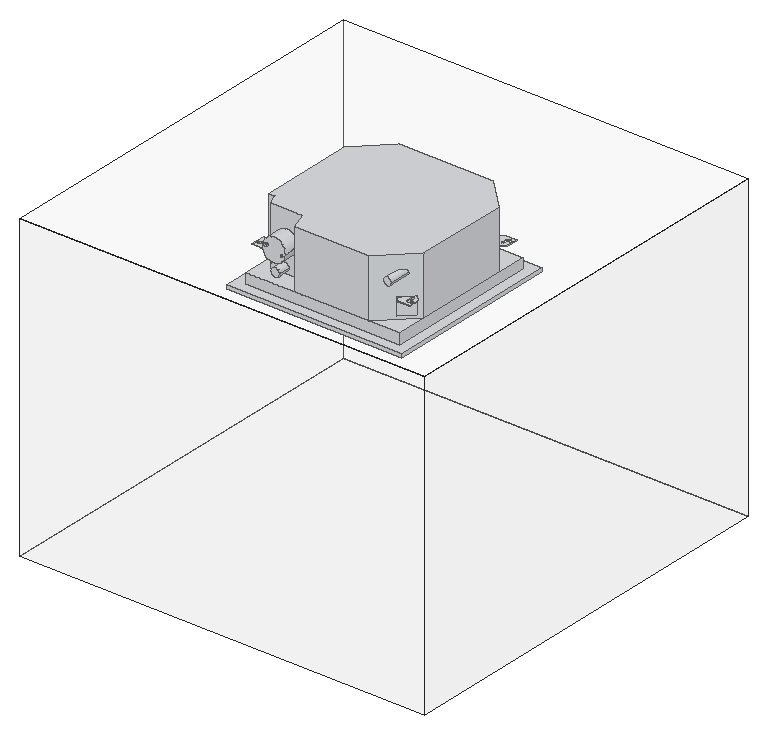
Revit family "pl-rp2880ga6_60hz", category 機械設備, Revit 2019
Family settings
  丸型コネクタ寸法 = 直径を使用
  パーツ タイプ = 標準
  OmniClass 番号 = 23.75.10.24.21.27.27
  OmniClass タイトル = Split System Air Conditioning Units
  作業面ベース = いいえ
  常に垂直 = はい
  ロード時にボイドで切り取り = いいえ
  共有 = いいえ
  部屋計算ポイント = はい
Parameters (values of type "天井4方向_PL-RP28GA6")
  風量_静 (㎥/min) = 6.3
  風量_強 (㎥/min) = 8.7
  風量_弱 (㎥/min) = 7.1
  風量_中 (㎥/min) = 7.8
  風量 = MAX風量  # 522.0 m³/h
  音響パワーレベル(dB) = [音響パワーレベル_強 (dB)]  # 50
  音響パワーレベル_静 (dB) = 47
  音響パワーレベル_強 (dB) = 50
  音響パワーレベル_弱 (dB) = 48
  音響パワーレベル_中 (dB) = 49
  電源種別 = ""
  電源_H = 0 mm
  電圧 = 0 V
  電動機出力_送風機 = 0.05 kW
  運転質量 = 0.00 kg
  連動 = ""
  質量 = if(製品質量 > 運転質量, 製品質量, 運転質量) * 1.2  # 24.72 kg
  負荷分類 = 3_ファン類
  製品質量_本体 = 17.00 kg
  製品質量_パネル = 3.60 kg
  構成品番 = "PL-RP28GA6"
  ドレン管径 (外径) = 32 mm
  ドレン管径 = 25 mm
  サービススペース = yes
  【値が 0 の項目は組合せ形名にてご確認ください】 = ""
  URL = "https://www.mitsubishielectric.co.jp/ldg/wink/ssl/top.do\"\""
  説明 = "店舗・事務所用パッケージエアコン(Mr.SLIM) [本体]4方向天井カセット形<コンパクトタイプ>"
  設計暖房能力 = 0.00 kW
  設計冷房能力_顕熱 = 0 kW
  設計冷房能力 = 0 kW
  設置方法 = "カセット形"
  記号 = ""
  製造元 = "三菱電機株式会社"
  製品質量 = 製品質量_本体 + 製品質量_パネル  # 20.60 kg
  製品出荷対象 = "国内"
  製品リリース年月 = ""
  製品グループ = ""
  系統 = ""
  符号 = "PAC-CK4"
  積算_科目 = "1 空気調和設備"
  積算_拾い区分 [instance] = ""
  相 = 1
  盤記号 = ""
  発停方法 = "付属スイッチ"
  特殊仕様 = ""
  火災停止 = ""
  消費電力_暖房 = 0.03 kW
  消費電力_冷房 = 0.03 kW
  消費電力 = if(消費電力_冷房 > 消費電力_暖房, 消費電力_冷房, 消費電力_暖房)  # 0.03 kW
  法定耐用年数 = "6"
  極数 = 1
  材質 = ""
  本体マテリアル = none
  有効加湿量 = 0
  暖房能力 = 2.80 kW
  推奨ブレーカー容量 = 0 A
  形式_加湿器 = ""
  形式 = "カセット形（4方向吹出形）"
  幹線記号 = ""
  始動方式 = "直入"
  呼称 = "パッケージ形空気調和機_室内機"
  周波数 = 60 Hz
  吊り位置Y = 507 mm
  吊り位置X = 640 mm
  吊りボルト_H = 134 mm
  台数_手元リモコン = ""
  台数_冷媒分岐ユニット = ""
  参照している仕様書等のバージョン = "公共建築工事標準仕様書（機械設備工事編）平成31年度版"
  加湿給水管径 = 0 mm
  分類コード = "5.0053E+13"
  分類グループ = ""
  冷房能力 = 2.5 kW
  冷媒高低圧ガス管径 = 0 mm
  冷媒管径符号 = "Ac"
  冷媒管径 = 100 mm
  冷媒液管高さ = 159 mm
  冷媒液管長さ = 71 mm
  冷媒液管径 = 6.4 mm
  冷媒ガス管高さ = 183 mm
  冷媒ガス管長さ = 76 mm
  冷媒ガス管径 = 12.7 mm
  企業コード = "108420"
  付属品_フィルター = ""
  付属品 = ""
  仕様書バージョン = "Version1.0"
  Model = ""
  パネルマテリアル = none
  ドレン管高さ = 227 mm
  コメント [instance] = ""
  ケーブル種類 = ""
  ケーブルサイズ = 0 mm
  Width = 670 mm
  Version = ""
  Uniclass2015Version = "Systems v1.9"
  Uniclass2015Title = "Split coil remote air cooled condensing units"
  Uniclass2015Code = "Pr_70_65_03_84"
  SpecificationReference = ""
  SpecificationDescription = ""
  Revision = ""
  ProductInformation = ""
  Panel Width = 760 mm
  Panel Height = 15 mm
  Panel Depth = 760 mm
  OmniClassCode = "23-33 17 13 11"
  MIN風量 = [風量_静 (㎥/min)] * 60.0 m³/h  # 378.0 m³/h
  MID風量2 = [風量_弱 (㎥/min)] * 60.0 m³/h  # 426.0 m³/h
  MID風量 = [風量_中 (㎥/min)] * 60.0 m³/h  # 468.0 m³/h
  MAX風量 = [風量_強 (㎥/min)] * 60.0 m³/h  # 522.0 m³/h
  IfcTypeProduct = ""
  IfcProduct = ""
  IfcExportType = "AIRCONDITIONINGUNIT"
  IfcExportAs = "IfcUnitaryEquipmentType"
  Height = 298 mm
  Depth = 670 mm
  価格 = 0
  Clearance Top = 305 mm
  Clearance Right = 500 mm
  Clearance Left = 500 mm
  Clearance Front = 500 mm
  Clearance Bottom = 1000 mm
  Clearance Back = 500 mm
  Author = "三菱電機株式会社"
Types (8, lengths in mm): name | 風量_静 (㎥/min) | 風量_強 (㎥/min) | 風量_弱 (㎥/min) | 風量_中 (㎥/min) | 風量 | 音響パワーレベル(dB) | 音響パワーレベル_静 (dB) | 音響パワーレベル_強 (dB) | 音響パワーレベル_弱 (dB) | 音響パワーレベル_中 (dB) | 構成品番 | URL | 消費電力_暖房 | 消費電力_冷房 | 消費電力 | 暖房能力 | 冷房能力 | 冷媒管径符号 | 冷媒液管長さ | 冷媒液管径 | 冷媒ガス管長さ | 冷媒ガス管径 | MIN風量 | MID風量2 | MID風量 | MAX風量
  天井4方向_PL-RP28GA6 | 6.3 | 8.7 | 7.1 | 7.8 | 522.0 m³/h | 50 | 47 | 50 | 48 | 49 | "PL-RP28GA6" | "https://www.mitsubishielectric.co.jp/ldg/wink/ssl/top.do\"\"" | 0.03 kW | 0.03 kW | 0.03 kW | 2.80 kW | 2.5 kW | "Ac" | 71 | 6.4 | 76 | 12.7 | 378.0 m³/h | 426.0 m³/h | 468.0 m³/h | 522.0 m³/h
  天井4方向_PL-RP40GA6 | 8.5 | 12 | 9 | 9.5 | 720.0 m³/h | 53 | 48 | 53 | 49 | 51 | "PL-RP40GA6" | "https://www.mitsubishielectric.co.jp/ldg/wink/ssl/top.do" | 0.03 kW | 0.03 kW | 0.03 kW | 4.00 kW | 3.6 kW | "Ac" | 71 | 6.4 | 76 | 12.7 | 510.0 m³/h | 540.0 m³/h | 570.0 m³/h | 720.0 m³/h
  天井4方向_PL-RP45GA6 | 8.5 | 12 | 9 | 9.5 | 720.0 m³/h | 53 | 48 | 53 | 49 | 51 | "PL-RP45GA6" | "https://www.mitsubishielectric.co.jp/ldg/wink/ssl/top.do" | 0.03 kW | 0.03 kW | 0.03 kW | 4.50 kW | 4 kW | "Ac" | 71 | 6.4 | 76 | 12.7 | 510.0 m³/h | 540.0 m³/h | 570.0 m³/h | 720.0 m³/h
  天井4方向_PL-RP50GA6 | 9.5 | 12.5 | 10 | 12 | 750.0 m³/h | 54 | 49 | 54 | 50 | 53 | "PL-RP50GA6" | "https://www.mitsubishielectric.co.jp/ldg/wink/ssl/top.do" | 0.03 kW | 0.03 kW | 0.03 kW | 5.00 kW | 4.5 kW | "Ac" | 71 | 6.4 | 76 | 12.7 | 570.0 m³/h | 600.0 m³/h | 720.0 m³/h | 750.0 m³/h
  天井4方向_PL-RP56GA6 | 9.5 | 14 | 10 | 12.5 | 840.0 m³/h | 56 | 49 | 56 | 50 | 54 | "PL-RP56GA6" | "https://www.mitsubishielectric.co.jp/ldg/wink/ssl/top.do" | 0.03 kW | 0.03 kW | 0.03 kW | 5.60 kW | 5 kW | "Ac" | 71 | 6.4 | 76 | 12.7 | 570.0 m³/h | 600.0 m³/h | 750.0 m³/h | 840.0 m³/h
  天井4方向_PL-RP63GA6 | 10 | 14.5 | 11.5 | 13 | 870.0 m³/h | 57 | 50 | 57 | 53 | 55 | "PL-RP63GA6" | "https://www.mitsubishielectric.co.jp/ldg/wink/ssl/top.do" | 0.04 kW | 0.04 kW | 0.04 kW | 6.30 kW | 5.6 kW | "Ac" | 71 | 6.4 | 76 | 12.7 | 600.0 m³/h | 690.0 m³/h | 780.0 m³/h | 870.0 m³/h
  天井4方向_PL-RP71GA6 | 11 | 15 | 12 | 13.5 | 900.0 m³/h | 58 | 53 | 58 | 54 | 56 | "PL-RP71GA6" | "https://www.mitsubishielectric.co.jp/ldg/wink/ssl/top.do" | 0.04 kW | 0.04 kW | 0.04 kW | 7.10 kW | 6.3 kW | "Bd" | 75 | 9.5 | 80 | 15.9 | 660.0 m³/h | 720.0 m³/h | 810.0 m³/h | 900.0 m³/h
  天井4方向_PL-RP80GA6 | 11 | 15 | 12 | 13.5 | 900.0 m³/h | 58 | 53 | 58 | 54 | 56 | "PL-RP80GA6" | "https://www.mitsubishielectric.co.jp/ldg/wink/ssl/top.do" | 0.04 kW | 0.04 kW | 0.04 kW | 8.00 kW | 7.1 kW | "Bd" | 75 | 9.5 | 80 | 15.9 | 660.0 m³/h | 720.0 m³/h | 810.0 m³/h | 900.0 m³/h
Reference planes
  plane 1 "中心(正面/背面)": y = 0
  plane 2: z = 0
  plane 3 "中心(左/右)": x = 0
  plane 4: x = -380
  plane 5: x = 380
  plane 6: y = 380
  plane 7: y = -380
  plane 8: z = 298
  plane 9: z = 305
  plane 10: x = -320
  plane 11: x = 320
  plane 12: y = 253.5
  plane 13: y = -253.5
  plane 14: z = 46
  plane 15: y = 335
  plane 16: y = -335
  plane 17: x = -335
  plane 18: x = 335
  plane 19: x = -880
  plane 20: x = 880
  plane 21: y = 880
  plane 22: y = -880
  plane 23: z = 298
  plane 24: z = -15
  plane 25: z = -1015
  plane 26: z = 305
  plane 27 "冷媒管基準面": y = -255
  plane 28: x = -186
  plane 29: z = 159
  plane 30: y = -331
  plane 31: y = -326
Forms (mm)
  Extrusion 1, solid, detail levels fine
    sketch origin (0, -255, 15) x (1, 0, 0) y (0, 0, 1)
      loop
        circle (-186, 144) r 3.175
    from 0 to 71
  Extrusion 2, solid, detail levels fine
    sketch origin (-67, -255, 39) x (1, 0, 0) y (0, 0, 1)
      loop
        circle (-186, 144) r 6.35
    from 0 to 76
Dimensions and locks
  equal spacing: plane 4, plane 3 "中心(左/右)", plane 5
  plane 4 to plane 5 = 760 mm
  equal spacing: plane 7, plane 1 "中心(正面/背面)", plane 6
  plane 7 to plane 6 = 760 mm
  locked: plane 12 to plane 6 at 126.5
  plane 7 to plane 13 = 126.5 mm
  plane 4 to plane 10 = 60 mm
  locked: plane 11 to plane 5 at 60
  "吊り位置X": plane 10 to plane 11
  equal spacing: plane 10, plane 3 "中心(左/右)", plane 11
  equal spacing: plane 13, plane 1 "中心(正面/背面)", plane 12
  "吊り位置Y": plane 13 to plane 12
  equal spacing: plane 16, plane 1 "中心(正面/背面)", plane 15
  "Depth": plane 16 to plane 15
  equal spacing: plane 17, plane 3 "中心(左/右)", plane 18
  "Width": plane 17 to plane 18
  locked: plane 14 to level at 46
  "Clearance Left": plane 19 to plane 4
  "Clearance Right": plane 5 to plane 20
  "Clearance Back": plane 6 to plane 21
  locked: level to plane 24 at 15
  "Clearance Bottom": plane 24 to plane 25
  "Clearance Front": plane 22 to plane 7
  "Clearance Top": plane 26 to plane 2
  "Height": level to nested 3
  plane 29 to plane 2 = 159 mm
  nested 3 to level = 134 mm
  "冷媒液管長さ": plane 31 to plane 27 "冷媒管基準面"
  "冷媒ガス管長さ": plane 30 to plane 27 "冷媒管基準面"
  aligned and locked: level to plane 2
  aligned and locked: plane 10 to nested 2
  aligned and locked: plane 11 to nested 2
  aligned and locked: nested 2 to plane 12
  aligned and locked: plane 13 to nested 2
  aligned and locked: plane 19 to nested 1
  aligned and locked: plane 20 to nested 1
  aligned and locked: plane 22 to nested 1
  aligned and locked: plane 21 to nested 1
  aligned and locked: plane 25 to nested 1
  aligned and locked: plane 5 to nested 3
  aligned and locked: plane 15 to nested 3
  aligned and locked: plane 6 to nested 3
  aligned and locked: plane 7 to nested 3
  aligned and locked: plane 26 to nested 1
  aligned and locked: plane 31 to Extrusion 1
  aligned and locked: plane 30 to Extrusion 2
Automatic sketch dimensions
  Extrusion 1 sketch curve to plane 28 = 0 mm
  Extrusion 1 sketch curve to plane 29 = 0 mm
  plane 29 to Extrusion 2 sketch curve = 24 mm
  plane 10 to Extrusion 2 sketch curve = 67 mm
  radius of Extrusion 1 sketch curve = 3.175 mm
  radius of Extrusion 2 sketch curve = 6.35 mm
Nested families
  nested 1: "サービススペース" at (0, 0, -355), visible <- "サービススペース", type "サービススペース"
    with Width 1760 mm, Height 1320 mm, Depth 1760 mm
  nested 2: "固定点" at (-320, -253.5, 0), type "固定点"
    with W 640 mm, D 507 mm
  nested 3: "PL-RP○○GA3" at (0, 0, 0), type "PL-RP○○GA3"
    with ユニット表示 yes
Connectors
  piping at (-219.5, -326, 171), diameter 100, driven by "冷媒管径", driven by "冷媒管径符号"
    settings: on nested 3, index 1, connector inside diameter 609.6 mm, connector length 0 mm, flow factor 0, pipe flow 0.0 L/s, pressure drop 0.0 Pa, fitting loss kfactor 0, connector angle 0.00°, fixture units 0, engagement length 0 mm, angle of deflection 0.00°, flow configuration 1, flow direction 1, fitting loss method 4, system type 7, joint type 0, gender type 0, connector reference index -1, connector utility 0, adjustable connector no, is connector primary yes, connector description "Ac"
  piping at (281, -332, 227), diameter 25, driven by "ドレン管径"
    settings: on nested 3, index 2, connector inside diameter 609.6 mm, connector length 0 mm, flow factor 0, pipe flow 0.0 L/s, pressure drop 0.0 Pa, fitting loss kfactor 0, connector angle 0.00°, fixture units 0, engagement length 0 mm, angle of deflection 0.00°, flow configuration 1, flow direction 2, fitting loss method 4, system type 16, joint type 0, gender type 0, connector reference index -1, connector utility 0, adjustable connector no, is connector primary no, connector description ""
  electrical at (-230, -305, 70), driven by "極数", driven by "負荷分類", driven by "電圧", driven by "消費電力"
    settings: on nested 3, index 3, voltage 0 V, apparent load 30 VA, apparent load phase1 0 VA, apparent load phase2 0 VA, apparent load phase3 0 VA, power factor 1, load classification "3_ファン類", number of poles 1, system type 30, power factor state 1, is connector primary yes, connector utility no, sub classification motor no, connector description ""
Definition of nested family "サービススペース"
  Parameters (values of type "サービススペース")
    Width [instance] = 500 mm
    Height [instance] = 500 mm
    Depth [instance] = 500 mm
  Reference planes
    plane 1 "中心(正面/背面)": y = 0
    plane 2: z = 0
    plane 3 "中心(左/右)": x = 0
    plane 4: y = -250
    plane 5: x = 250
    plane 6: y = 250
    plane 7: x = -250
    plane 8: z = 250
    plane 9: z = -250
  Forms (mm)
    Extrusion 1, solid
      sketch origin (-638.939, 0, 72.39) x (1, 0, 0) y (0, 1, 0)
        loop
          line (388.939, 250) -> (388.939, -250) -> (888.939, -250) -> (888.939, 250) -> (388.939, 250)
      from -322.39 to 177.61
  Lines and regions (mm)
    symbolic lines
      curve 1: line (-250, 0, 250) -> (250, 0, 250)
      curve 2: line (-250, 0, -250) -> (-250, 0, 250)
      curve 3: line (250, 0, -250) -> (-250, 0, -250)
      curve 4: line (250, 0, 250) -> (250, 0, -250)
      curve 5: line (0, -250, 250) -> (0, 250, 250)
      curve 6: line (0, -250, -250) -> (0, -250, 250)
      curve 7: line (0, 250, -250) -> (0, -250, -250)
      curve 8: line (0, 250, 250) -> (0, 250, -250)
      curve 9: line (-250, 250, 0) -> (250, 250, 0)
      curve 10: line (-250, -250, 0) -> (-250, 250, 0)
      curve 11: line (250, -250, 0) -> (-250, -250, 0)
      curve 12: line (250, 250, 0) -> (250, -250, 0)
  Dimensions and locks
    equal spacing: plane 7, plane 3 "中心(左/右)", plane 5
    equal spacing: plane 4, plane 1 "中心(正面/背面)", plane 6
    "Depth": plane 4 to plane 6
    "Width": plane 7 to plane 5
    equal spacing: plane 8, plane 2, plane 9
    "Height": plane 8 to plane 9
    aligned and locked: plane 9 to curve 3
    aligned and locked: plane 7 to curve 2
    aligned and locked: curve 4 to plane 5
    aligned and locked: plane 5 to Extrusion 1
    aligned and locked: Extrusion 1 to plane 7
    aligned and locked: Extrusion 1 to plane 9
    aligned and locked: plane 8 to Extrusion 1
    aligned and locked: plane 9 to curve 7
  Automatic sketch dimensions
    plane 4 to Extrusion 1 sketch curve = 0 mm
    Extrusion 1 sketch curve to plane 7 = 0 mm
    Extrusion 1 sketch curve to plane 5 = 0 mm
    plane 6 to Extrusion 1 sketch curve = 0 mm
    curve 2 to plane 8 = 0 mm
    plane 4 to curve 11 = 0 mm
    curve 11 to plane 7 = 0 mm
    curve 11 to plane 5 = 0 mm
    plane 6 to curve 10 = 0 mm
    curve 7 to plane 4 = 0 mm
    curve 7 to plane 6 = 0 mm
    curve 6 to plane 8 = 0 mm
Definition of nested family "PL-RP○○GA3"
  Parameters (values of type "PL-RP○○GA3")
    配線取出口サイズ = 36 mm
    配線取出口-Z = 70 mm
    配線取出口-Y = 50 mm
    配線取出口-X = 230 mm
    液配管サイズ = 6.4 mm
    A = 幅さ + 90 mm  # 760 mm
    高さ = 298 mm
    奥行き = 670 mm
    吊りボルト_H = 134 mm
    冷媒配管 = 100 mm
    冷媒液管径-Z = 159 mm
    冷媒液管径-Y = 71 mm
    冷媒液管径-X = 186 mm
    冷媒ガス管径-Z = 183 mm
    冷媒ガス管径-Y = 76 mm
    冷媒ガス管径-X = 253 mm
    ユニット表示 [instance] = yes
    ボルトピッチ = 507 mm
    ドレン配管サイズ = 32 mm
    ドレン管径-Z = 227 mm
    ドレン管径-Y = 77 mm
    ドレン管径-X = 281 mm
    ガス配管サイズ = 12.7 mm
    D = 幅さ - 30 mm  # 640 mm
    幅さ = 670 mm
    B = 幅さ + 40 mm  # 710 mm
  Reference planes
    plane 1 "中心(正面/背面)": y = 0
    plane 2: z = 0
    plane 3 "中心(左/右)": x = 0
    plane 4: x = -355
    plane 5: x = 355
    plane 6: x = -335
    plane 7: x = 335
    plane 8: x = -320
    plane 9: x = 320
    plane 10: y = 253.5
    plane 11: y = -253.5
    plane 12: y = 335
    plane 13: y = -335
    plane 14: x = -380
    plane 15: x = 380
    plane 16: z = -15
    plane 17: z = 46
    plane 18: z = 298
    plane 19: z = 134
    plane 20: z = 136
    plane 21: z = 227
    plane 22: z = 159
    plane 23: z = 183
    plane 24: z = 60
    plane 25: y = 380
    plane 26: y = -380
    plane 27: x = -253
    plane 28: x = -150
    plane 29: x = -123
    plane 30: x = -186
    plane 31: x = 281
    plane 32: x = 202
    plane 33: y = -255
    plane 34: y = -207
    plane 35: y = -331
    plane 36: y = -326
    plane 37 "ドレン管接続口": y = -332
    plane 38: y = -202
    plane 39: y = 291.5
    plane 40: y = 275.5
    plane 41: y = 263.5
    plane 42: x = -326
    plane 43: x = -314
    plane 44: x = -343
    plane 45: x = 314
    plane 46: x = 326
    plane 47: x = 343
    plane 48: y = -291.5
    plane 49: y = -275.5
    plane 50: y = -263.5
    plane 51: x = -230
    plane 52: y = 202
    plane 53: x = -202
    plane 54: z = 70
    plane 55: y = -305
  Forms (mm)
    Extrusion 1, solid, visible <- "ユニット表示"
      sketch origin (0, 0, 0) x (1, 0, 0) y (0, 1, 0)
        loop
          line (-380, 380) -> (-380, -380) -> (380, -380) -> (380, 380) -> (-380, 380)
      from -15 to 0
    Extrusion 2, solid, visible <- "ユニット表示", detail levels fine
      sketch origin (0, 0, 0) x (1, 0, 0) y (0, 1, 0)
        loop
          line (-203.39, 335) -> (-335, 203.39) -> (-335, -207) -> (-309.258, -207) -> (-288.883, -255) -> (-150, -255) -> (-123.033, -335) -> (202, -335) -> (335, -202) -> (335, 203.39) -> (203.39, 335) -> (-203.39, 335)
      from 46 to 298
    Extrusion 3, solid, visible <- "ユニット表示", detail levels fine
      sketch origin (0, 0, 0) x (1, 0, 0) y (0, 1, 0)
        loop
          line (335, 335) -> (-335, 335) -> (-335, -335) -> (335, -335) -> (335, 335)
      from 0 to 46
    Extrusion 4, solid, visible <- "ユニット表示", detail levels fine
      sketch origin (0, 0, 0) x (1, 0, 0) y (0, 0, 1)
        loop
          circle (-219.5, 171) r 50
      from 255 to 326
    Extrusion 5, solid, visible <- "ユニット表示", detail levels fine
      sketch origin (0, 0, 0) x (1, 0, 0) y (0, 1, 0)
        loop
          line (-343, -291.5) -> (-300.314, -291.5) -> (-290.686, -250.751) -> (-306.998, -212.324) -> (-343, -227.606) -> (-343, -263.5) -> (-329, -263.5)
          arc (-329, -263.5) -> (-326.879, -262.621) -> (-326, -260.5) r 3
          line (-326, -260.5) -> (-326, -249.5)
          arc (-326, -249.5) -> (-320, -243.5) -> (-314, -249.5) r 6
          line (-314, -249.5) -> (-314, -269.478)
          arc (-314, -269.478) -> (-315.757, -273.721) -> (-320, -275.5) r 6
          line (-320, -275.5) -> (-343, -275.5) -> (-343, -291.5)
        loop
          line (-343, 275.5) -> (-320, 275.5)
          arc (-320, 275.5) -> (-315.757, 273.743) -> (-314, 269.5) r 6
          line (-314, 269.5) -> (-314, 249.5)
          arc (-314, 249.5) -> (-320, 243.5) -> (-326, 249.5) r 6
          line (-326, 249.5) -> (-326, 260.5)
          arc (-326, 260.5) -> (-326.879, 262.621) -> (-329, 263.5) r 3
          line (-329, 263.5) -> (-343, 263.5) -> (-343, 244.959) -> (-318.215, 220.175) -> (-270.214, 268.176) -> (-293.539, 291.5) -> (-343, 291.5) -> (-343, 275.5)
        loop
          line (343, 291.5) -> (293.539, 291.5) -> (270.214, 268.176) -> (318.215, 220.175) -> (343, 244.959) -> (343, 263.5) -> (329, 263.5)
          arc (329, 263.5) -> (326.879, 262.621) -> (326, 260.5) r 3
          line (326, 260.5) -> (326, 249.5)
          arc (326, 249.5) -> (320, 243.5) -> (314, 249.5) r 6
          line (314, 249.5) -> (314, 269.5)
          arc (314, 269.5) -> (315.757, 273.743) -> (320, 275.5) r 6
          line (320, 275.5) -> (343, 275.5) -> (343, 291.5)
        loop
          line (293.539, -291.5) -> (343, -291.5) -> (343, -275.5) -> (320, -275.5)
          arc (320, -275.5) -> (315.757, -273.743) -> (314, -269.5) r 6
          line (314, -269.5) -> (314, -249.5)
          arc (314, -249.5) -> (320, -243.5) -> (326, -249.5) r 6
          line (326, -249.5) -> (326, -260.5)
          arc (326, -260.5) -> (326.879, -262.621) -> (329, -263.5) r 3
          line (329, -263.5) -> (343, -263.5) -> (343, -244.959) -> (317.52, -219.48) -> (269.519, -267.481) -> (293.539, -291.5)
      from 134 to 136
    Extrusion 6, solid, visible <- "ユニット表示", detail levels fine
      sketch origin (0, 0, 0) x (1, 0, 0) y (0, 1, 0)
        loop
          line (-306.998, -212.324) -> (-308.839, -213.105) -> (-291.463, -254.04) -> (-289.622, -253.258) -> (-306.998, -212.324)
        loop
          line (-271.629, 269.59) -> (-319.63, 221.589) -> (-318.245, 220.204) -> (-270.244, 268.205) -> (-271.629, 269.59)
        loop
          line (271.629, 269.59) -> (270.244, 268.205) -> (318.245, 220.204) -> (319.63, 221.589) -> (271.629, 269.59)
        loop
          line (270.934, -268.895) -> (318.935, -220.894) -> (317.52, -219.48) -> (269.519, -267.481) -> (270.934, -268.895)
      from 60 to 136
    Extrusion 7, solid, visible <- "ユニット表示", detail levels fine
      sketch origin (0, 0, 0) x (1, 0, 0) y (0, 0, 1)
        loop
          circle (-230, 70) r 18
      from 255 to 305
    Extrusion 8, solid, detail levels fine
      sketch origin (0, -332, 0) x (-1, 0, 0) y (0, 0, 1)
        loop
          circle (-281, 227) r 16
      from 0 to 100
  Cuts and joins
    joined: Extrusion 5, Extrusion 6
  Dimensions and locks
    equal spacing: plane 4, plane 3 "中心(左/右)", plane 5
    "B": plane 4 to plane 5
    equal spacing: plane 6, plane 3 "中心(左/右)", plane 7
    "幅さ": plane 6 to plane 7
    equal spacing: plane 8, plane 3 "中心(左/右)", plane 9
    "D": plane 8 to plane 9
    equal spacing: plane 11, plane 1 "中心(正面/背面)", plane 10
    "ボルトピッチ": plane 10 to plane 11
    equal spacing: plane 12, plane 1 "中心(正面/背面)", plane 13
    "奥行き": plane 12 to plane 13
    "A": plane 14 to plane 15
    equal spacing: plane 14, plane 3 "中心(左/右)", plane 15
    locked: plane 2 to plane 16 at 15
    locked: plane 17 to plane 2 at 46
    "吊りボルト_H": plane 19 to level
    locked: plane 20 to plane 19 at 2
    "ドレン管径-Z": plane 21 to level
    "冷媒液管径-Z": plane 22 to level
    "冷媒ガス管径-Z": plane 23 to level
    plane 24 to level = 60 mm
    equal spacing: plane 25, plane 1 "中心(正面/背面)", plane 26
    "A": plane 25 to plane 26
    locked: plane 6 to plane 28 at 185
    locked: plane 6 to plane 29 at 212
    locked: plane 32 to plane 7 at 133
    "冷媒ガス管径-X": plane 27 to plane 3 "中心(左/右)"
    "冷媒液管径-X": plane 30 to plane 3 "中心(左/右)"
    "ドレン管径-X": plane 3 "中心(左/右)" to plane 31
    locked: plane 33 to plane 13 at 80
    locked: plane 34 to plane 13 at 128
    "冷媒ガス管径-Y": plane 33 to plane 35
    "冷媒液管径-Y": plane 33 to plane 36
    "ドレン管径-Y": plane 33 to plane 37 "ドレン管接続口"
    locked: plane 38 to plane 13 at 133
    equal spacing: plane 30, Extrusion 4 sketch curve, plane 27
    equal spacing: plane 23, Extrusion 4 sketch curve, plane 22
    locked: plane 44 to plane 8 at 23
    plane 42 to plane 8 to plane 43 = 6 mm locked, 6 mm locked
    locked: plane 9 to plane 47 at 23
    plane 45 to plane 9 to plane 46 = 6 mm locked, 6 mm locked
    plane 11 to plane 50 to plane 49 to plane 48 = 10 mm locked, 12 mm locked, 16 mm locked
    plane 39 to plane 40 to plane 41 to plane 10 = 16 mm locked, 12 mm locked, 10 mm locked
    locked: Extrusion 5 sketch curve to plane 11 at 4  (x2)
    locked: plane 10 to Extrusion 5 sketch curve at 4  (x2)
    "配線取出口-X": plane 51 to plane 3 "中心(左/右)"
    "配線取出口-Z": plane 54 to level
    "配線取出口-Y": plane 33 to plane 55
    locked: cut or joined group of Extrusion 5, Extrusion 6 to Extrusion 6 sketch curve at 2
    locked: Extrusion 6 sketch curve to Extrusion 2 at 2  (x3)
    "高さ": plane 18 to level
    "冷媒配管": diameter of Extrusion 4 sketch curve
    radius of Extrusion 5 sketch curve = 6 mm  (x8)
    radius of Extrusion 5 sketch curve = 3 mm  (x4)
    "配線取出口サイズ": diameter of Extrusion 7 sketch curve
    aligned and locked: level to plane 2
    aligned and locked: Extrusion 1 sketch curve to plane 25
    aligned and locked: plane 14 to Extrusion 1 sketch curve
    aligned and locked: plane 26 to Extrusion 1 sketch curve
    aligned and locked: Extrusion 1 sketch curve to plane 15
    aligned and locked: level to Extrusion 1
    aligned and locked: Extrusion 1 to plane 16
    aligned and locked: plane 18 to Extrusion 2
    aligned and locked: Extrusion 2 to plane 17
    aligned and locked: Extrusion 3 sketch curve to plane 7
    aligned and locked: Extrusion 3 sketch curve to plane 13
    aligned and locked: Extrusion 3 sketch curve to plane 6
    aligned and locked: Extrusion 3 sketch curve to plane 12
    aligned and locked: Extrusion 3 to level
    aligned and locked: plane 17 to Extrusion 3
    aligned and locked: plane 28 to Extrusion 2 sketch curve
    aligned and locked: plane 34 to Extrusion 2 sketch curve
    aligned and locked: Extrusion 2 sketch curve to plane 13
    aligned and locked: Extrusion 2 sketch curve to plane 7
    aligned and locked: Extrusion 2 sketch curve to plane 12
    aligned and locked: Extrusion 2 sketch curve to plane 6
    aligned and locked: plane 7 to Extrusion 2 sketch curve
    aligned and locked: plane 38 to Extrusion 2 sketch curve
    aligned and locked: plane 32 to Extrusion 2 sketch curve
    aligned and locked: plane 13 to Extrusion 2 sketch curve
    aligned and locked: plane 44 to Extrusion 5 sketch curve  (x2)
    aligned and locked: Extrusion 5 sketch curve to plane 50
    aligned and locked: plane 49 to Extrusion 5 sketch curve
    aligned and locked: Extrusion 5 sketch curve to plane 48
    aligned and locked: plane 43 to Extrusion 5 sketch curve
    aligned and locked: plane 42 to Extrusion 5 sketch curve  (x2)
    aligned and locked: Extrusion 6 to plane 24
    aligned and locked: plane 20 to Extrusion 6
    aligned and locked: plane 39 to Extrusion 5 sketch curve  (x2)
    aligned and locked: Extrusion 5 sketch curve to plane 44  (x2)
    aligned and locked: plane 41 to Extrusion 5 sketch curve  (x2)
    aligned and locked: Extrusion 5 sketch curve to plane 40  (x2)
    aligned and locked: Extrusion 5 sketch curve to plane 43
    aligned and locked: Extrusion 5 sketch curve to Extrusion 2  (x3)
    aligned and locked: plane 47 to Extrusion 5 sketch curve  (x4)
    aligned and locked: plane 45 to Extrusion 5 sketch curve  (x2)
    aligned and locked: Extrusion 5 sketch curve to plane 46  (x2)
    aligned and locked: plane 50 to Extrusion 5 sketch curve
    aligned and locked: plane 48 to Extrusion 5 sketch curve
    aligned and locked: Extrusion 5 sketch curve to plane 49
    aligned and locked: plane 51 to Extrusion 7 sketch curve
    aligned and locked: plane 54 to Extrusion 7 sketch curve
    aligned and locked: Extrusion 7 to Extrusion 2
    aligned and locked: plane 55 to Extrusion 7
    aligned and locked: cut or joined group of Extrusion 5, Extrusion 6 to cut or joined group of Extrusion 5, Extrusion 6  (x2)
    aligned and locked: Extrusion 6 sketch curve to cut or joined group of Extrusion 5, Extrusion 6  (x3)
    aligned and locked: cut or joined group of Extrusion 5, Extrusion 6 to Extrusion 6 sketch curve  (x2)
    aligned and locked: Extrusion 2 to Extrusion 6 sketch curve
    aligned and locked: cut or joined group of Extrusion 5, Extrusion 6 to plane 19
    aligned and locked: plane 20 to cut or joined group of Extrusion 5, Extrusion 6
    aligned and locked: Extrusion 4 to plane 36
  Automatic sketch dimensions
    Extrusion 2 sketch curve to plane 33 = 0 mm
    plane 43 to Extrusion 2 sketch curve = 4.742 mm
    plane 43 to Extrusion 2 sketch curve = 25.117 mm
    Extrusion 2 sketch curve to plane 30 = 17.39 mm
    Extrusion 2 sketch curve to plane 29 = 0.033 mm
    plane 32 to Extrusion 2 sketch curve = 1.39 mm
    Extrusion 2 sketch curve to plane 10 = 50.11 mm  (x2)
    Extrusion 5 sketch curve to plane 8 = 0 mm
    Extrusion 5 sketch curve to plane 8 = 13.002 mm
    Extrusion 5 sketch curve to plane 43 = 13.686 mm
    plane 50 to Extrusion 5 sketch curve = 12.749 mm
    Extrusion 5 sketch curve to Extrusion 5 sketch curve = 9.627 mm
    Extrusion 5 sketch curve to plane 50 = 5.978 mm
    plane 34 to Extrusion 5 sketch curve = 20.606 mm
    plane 8 to Extrusion 6 sketch curve = 1.755 mm
    Extrusion 6 sketch curve to plane 11 = 0.54 mm
    Extrusion 6 sketch curve to Extrusion 6 sketch curve = 1.385 mm
    Extrusion 6 sketch curve to plane 49 = 6.605 mm
    Extrusion 6 sketch curve to plane 9 = 2.48 mm
    Extrusion 6 sketch curve to Extrusion 6 sketch curve = 1.414 mm
    Extrusion 5 sketch curve to plane 8 = 1.785 mm
    Extrusion 5 sketch curve to plane 41 = 4.676 mm  (x2)
    plane 9 to Extrusion 5 sketch curve = 1.785 mm
    Extrusion 5 sketch curve to plane 50 = 3.981 mm
    plane 9 to Extrusion 5 sketch curve = 2.48 mm
    Extrusion 8 sketch curve to plane 21 = 0 mm
    Extrusion 8 sketch curve to plane 31 = 0 mm
    radius of Extrusion 8 sketch curve = 16 mm
Definition of nested family "固定点"
  Parameters (values of type "固定点")
    中心円 = 20 mm
    W [instance] = 1000 mm
    D [instance] = 1000 mm
  Reference planes
    plane 1 "中心(正面/背面)": y = 0
    plane 2: z = 0
    plane 3 "中心(左/右)": x = 0
    plane 4: x = 1000
    plane 5: y = 1000
  Lines and regions (mm)
    symbolic lines, detail levels fine
      curve 1: circle (0, 1000, 0) r 10 normal (0, 0, 1)
      curve 2: circle (0, 0, 0) r 10 normal (0, 0, 1)
      curve 3: circle (1000, 1000, 0) r 10 normal (0, 0, 1)
      curve 4: circle (1000, 0, 0) r 10 normal (0, 0, 1)
      curve 5: line (-200, 1000, 0) -> (1200, 1000, 0)
      curve 6: line (-200, 0, 0) -> (1200, 0, 0)
      curve 7: line (0, 1200, 0) -> (0, -200, 0)
      curve 8: line (1000, 1200, 0) -> (1000, -200, 0)
  Dimensions and locks
    "W": plane 3 "中心(左/右)" to plane 4
    "D": plane 1 "中心(正面/背面)" to plane 5
    "中心円": diameter of curve 1
    "中心円": diameter of curve 2
    "中心円": diameter of curve 3
    "中心円": diameter of curve 4
    aligned and locked: level to plane 2
    aligned and locked: plane 5 to curve 1
    aligned and locked: plane 3 "中心(左/右)" to curve 1
    aligned and locked: plane 3 "中心(左/右)" to curve 2
    aligned and locked: plane 1 "中心(正面/背面)" to curve 2
    aligned and locked: plane 4 to curve 3
    aligned and locked: plane 5 to curve 3
    aligned and locked: plane 1 "中心(正面/背面)" to curve 4
    aligned and locked: plane 4 to curve 4
    aligned and locked: plane 1 "中心(正面/背面)" to curve 6
    aligned and locked: curve 7 to plane 3 "中心(左/右)"
    aligned and locked: curve 8 to plane 4
  Automatic sketch dimensions
    curve 5 to plane 5 = 0 mm
    curve 6 to plane 3 "中心(左/右)" = 200 mm
    curve 5 to plane 3 "中心(左/右)" = 200 mm
    curve 4 to curve 6 = 200 mm
    curve 3 to curve 5 = 200 mm
    plane 1 "中心(正面/背面)" to curve 8 = 200 mm
    plane 1 "中心(正面/背面)" to curve 7 = 200 mm
    curve 3 to curve 8 = 200 mm
    curve 1 to curve 7 = 200 mm
